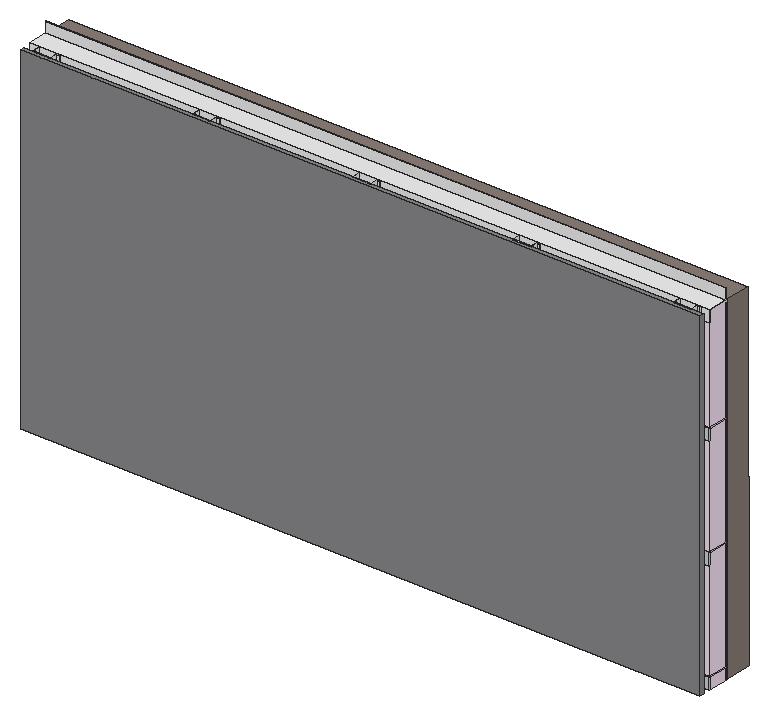
Revit family "Acrytec Panel - Gemtex", category Generic Models, Revit 2016
Family settings
  Part Type = Normal
  Can host rebar = No
  Round Connector Dimension = Use Diameter
  Work Plane-Based = No
  Always vertical = Yes
  Cut with Voids When Loaded = No
  Shared = No
  Room Calculation Point = No
Parameters (values of type "Acrytec Panel - Gemtex")
  panelHeight [instance] = 1220 mm
  Uninsulated Panel Type = not(Insulated Panel Type)  # no
  Insulated Panel Type = yes
  Vertical Girt Spacing [instance] = if(and(PanelWidth > 1799 mm, PanelWidth < 2301 mm), 1, (PanelWidth / 2) / 575 mm) + 1  # 3
  Vanilla = no
  Tuxedo Black = no
  Slate Grey = no
  Rustic = no
  Rocky Road = no
  Pepper = no
  PanelWidth [instance] = 2440 mm
  PanelZGirt [instance] = 75 mm
  PanelThickness [instance] = PanelFinish + PanelZGirt + PanelHatSection  # 115.422 mm
  PanelHatSection [instance] = 25.383 mm
  PanelFinish [instance] = 15.04 mm
  Panel-A-CL-Offset = 382.729 mm
  Ocean Spray = no
  Oakville Clay = no
  Midnight = no
  Horizontal Girt Spacing [instance] = panelHeight / 400 mm  # 3
  Horizontal Girt Length [instance] = PanelWidth  # 2440 mm
  Granite = no
  Egg Plant = no
  Desert Stone = no
  Copper Brown = no
  Cookie Dough = no
  Chipped Ice = no
  Caramel = no
  Capstone = no
  Blue Sky = yes
  Arctic Snow = no
  Aqua = no
Reference planes
  plane 1 "Center (Front/Back)": y = 0
  plane 2: z = 0
  plane 3 "Center (Left/Right)": x = 0
  plane 4: y = -75
  plane 5: y = -115.422
  plane 6: z = 1220
  plane 7: y = -100.383
  plane 8: x = -1220
  plane 9: x = 1220
Forms (mm)
  Extrusion 1, solid, material "00 - Gemtex_Aqua", visible <- "Aqua"
    sketch origin (0, 0, 0) x (1, 0, 0) y (0, 0, 1)
      loop
        line (-1220, 0) -> (1220, 0) -> (1220, 1220) -> (-1220, 1220) -> (-1220, 0)
    from 100.383 to 115.422
  Extrusion 2, solid, material "2016-31-moisture Membrane", visible <- "Insulated Panel Type"
    sketch origin (0, 0, 0) x (1, 0, 0) y (0, 0, 1)
      loop
        line (-1220, 0) -> (1220, 0) -> (1220, 1220) -> (-1220, 1220) -> (-1220, 0)
    from -1 to 0
  Extrusion 3, solid, material "2016-31-Standard Brick", visible <- "Insulated Panel Type"
    sketch origin (0, 0, 0) x (1, 0, 0) y (0, 0, 1)
      loop
        line (-1220, 0) -> (1220, 0) -> (1220, 1220) -> (-1220, 1220) -> (-1220, 0)
    from -100 to -1
  Extrusion 4, solid, material "00 - Gemtex_Arctic Snow", visible <- "Arctic Snow"
    sketch origin (0, 0, 0) x (1, 0, 0) y (0, 0, 1)
      loop
        line (1220, 0) -> (1220, 1220) -> (-1220, 1220) -> (-1220, 0) -> (1220, 0)
    from 100.383 to 115.422
  Extrusion 5, solid, material "00 - Gemtex_Blue Sky", visible <- "Blue Sky"
    sketch origin (0, 0, 0) x (1, 0, 0) y (0, 0, 1)
      loop
        line (1220, 0) -> (1220, 1220) -> (-1220, 1220) -> (-1220, 0) -> (1220, 0)
    from 100.383 to 115.422
  Extrusion 6, solid, material "00 - Gemtex_Capstone", visible <- "Capstone"
    sketch origin (0, 0, 0) x (1, 0, 0) y (0, 0, 1)
      loop
        line (1220, 0) -> (1220, 1220) -> (-1220, 1220) -> (-1220, 0) -> (1220, 0)
    from 100.383 to 115.422
  Extrusion 7, solid, material "00 - Gemtex_Caramel", visible <- "Caramel"
    sketch origin (0, 0, 0) x (1, 0, 0) y (0, 0, 1)
      loop
        line (1220, 0) -> (1220, 1220) -> (-1220, 1220) -> (-1220, 0) -> (1220, 0)
    from 100.383 to 115.422
  Extrusion 8, solid, material "00 - Gemtex_Chipped Ice", visible <- "Chipped Ice"
    sketch origin (0, 0, 0) x (1, 0, 0) y (0, 0, 1)
      loop
        line (1220, 0) -> (1220, 1220) -> (-1220, 1220) -> (-1220, 0) -> (1220, 0)
    from 100.383 to 115.422
  Extrusion 9, solid, material "00 - Gemtex_Cookie Dough", visible <- "Cookie Dough"
    sketch origin (0, 0, 0) x (1, 0, 0) y (0, 0, 1)
      loop
        line (1220, 0) -> (1220, 1220) -> (-1220, 1220) -> (-1220, 0) -> (1220, 0)
    from 100.383 to 115.422
  Extrusion 10, solid, material "00 - Gemtex_Copper Brown", visible <- "Copper Brown"
    sketch origin (0, 0, 0) x (1, 0, 0) y (0, 0, 1)
      loop
        line (1220, 0) -> (1220, 1220) -> (-1220, 1220) -> (-1220, 0) -> (1220, 0)
    from 100.383 to 115.422
  Extrusion 11, solid, material "00 - Gemtex_Desert Stone", visible <- "Desert Stone"
    sketch origin (0, 0, 0) x (1, 0, 0) y (0, 0, 1)
      loop
        line (1220, 0) -> (1220, 1220) -> (-1220, 1220) -> (-1220, 0) -> (1220, 0)
    from 100.383 to 115.422
  Extrusion 12, solid, material "00 -Gemtex_ Egg Plant", visible <- "Egg Plant"
    sketch origin (0, 0, 0) x (1, 0, 0) y (0, 0, 1)
      loop
        line (1220, 0) -> (1220, 1220) -> (-1220, 1220) -> (-1220, 0) -> (1220, 0)
    from 100.383 to 115.422
  Extrusion 13, solid, visible <- "Granite"
    sketch origin (0, 0, 0) x (1, 0, 0) y (0, 0, 1)
      loop
        line (1220, 0) -> (1220, 1220) -> (-1220, 1220) -> (-1220, 0) -> (1220, 0)
    from 100.383 to 115.422
  Extrusion 14, solid, material "00 - Gemtex_Midnight", visible <- "Midnight"
    sketch origin (0, 0, 0) x (1, 0, 0) y (0, 0, 1)
      loop
        line (1220, 0) -> (1220, 1220) -> (-1220, 1220) -> (-1220, 0) -> (1220, 0)
    from 100.383 to 115.422
  Extrusion 15, solid, material "00 - Gemtex_Oakville Clay", visible <- "Oakville Clay"
    sketch origin (0, 0, 0) x (1, 0, 0) y (0, 0, 1)
      loop
        line (1220, 0) -> (1220, 1220) -> (-1220, 1220) -> (-1220, 0) -> (1220, 0)
    from 100.383 to 115.422
  Extrusion 16, solid, material "00 - Gemtex_Ocean Spray", visible <- "Ocean Spray"
    sketch origin (0, 0, 0) x (1, 0, 0) y (0, 0, 1)
      loop
        line (1220, 0) -> (1220, 1220) -> (-1220, 1220) -> (-1220, 0) -> (1220, 0)
    from 100.383 to 115.422
  Extrusion 17, solid, material "00 - Gemtex_Pepper", visible <- "Pepper"
    sketch origin (0, 0, 0) x (1, 0, 0) y (0, 0, 1)
      loop
        line (1220, 0) -> (1220, 1220) -> (-1220, 1220) -> (-1220, 0) -> (1220, 0)
    from 100.383 to 115.422
  Extrusion 18, solid, material "00 - Gemtex_Rocky Road", visible <- "Rocky Road"
    sketch origin (0, 0, 0) x (1, 0, 0) y (0, 0, 1)
      loop
        line (1220, 0) -> (1220, 1220) -> (-1220, 1220) -> (-1220, 0) -> (1220, 0)
    from 100.383 to 115.422
  Extrusion 19, solid, material "00 - Gemtex_Rustic", visible <- "Rustic"
    sketch origin (0, 0, 0) x (1, 0, 0) y (0, 0, 1)
      loop
        line (1220, 0) -> (1220, 1220) -> (-1220, 1220) -> (-1220, 0) -> (1220, 0)
    from 100.383 to 115.422
  Extrusion 20, solid, material "00 - Gemtex_Slate Grey", visible <- "Slate Grey"
    sketch origin (0, 0, 0) x (1, 0, 0) y (0, 0, 1)
      loop
        line (1220, 0) -> (1220, 1220) -> (-1220, 1220) -> (-1220, 0) -> (1220, 0)
    from 100.383 to 115.422
  Extrusion 21, solid, material "00 - Gemtex_Tuxedo Black", visible <- "Tuxedo Black"
    sketch origin (0, 0, 0) x (1, 0, 0) y (0, 0, 1)
      loop
        line (1220, 0) -> (1220, 1220) -> (-1220, 1220) -> (-1220, 0) -> (1220, 0)
    from 100.383 to 115.422
  Extrusion 22, solid, material "00 - Gemtex_Vanilla", visible <- "Vanilla"
    sketch origin (0, 0, 0) x (1, 0, 0) y (0, 0, 1)
      loop
        line (1220, 0) -> (1220, 1220) -> (-1220, 1220) -> (-1220, 0) -> (1220, 0)
    from 100.383 to 115.422
  Extrusion 23, solid, material "2016-31-Galvanized-Aluminum 2014-T4", not visible
    sketch origin (0, 0, 0) x (1, 0, 0) y (0, 1, 0)
      loop
        line (-609.6, -75) -> (-609.6, -100.383) -> (-544.314, -100.383) -> (-544.314, -76) -> (-532.497, -76) -> (-532.497, -75) -> (-545.314, -75) -> (-545.314, -99.383) -> (-608.6, -99.383) -> (-608.6, -75) -> (-609.6, -75)
    from 0 to 2438.4
  Extrusion 24, solid, material "2016-31-Galvanized-Aluminum 2014-T4"
    sketch origin (571.049, 0, 0) x (1, 0, 0) y (0, 1, 0)
      loop
        line (-609.6, -75) -> (-609.6, -100.383) -> (-544.314, -100.383) -> (-544.314, -76) -> (-532.497, -76) -> (-532.497, -75) -> (-545.314, -75) -> (-545.314, -99.383) -> (-608.6, -99.383) -> (-608.6, -75) -> (-609.6, -75)
    from 0 to 1220 <- "panelHeight"
  Extrusion 25, solid, material "2016-31-Galvanized-Aluminum 2014-T4"
    sketch origin (1146.049, 0, 0) x (1, 0, 0) y (0, 1, 0)
      loop
        line (-609.6, -75) -> (-609.6, -100.383) -> (-544.314, -100.383) -> (-544.314, -76) -> (-532.497, -76) -> (-532.497, -75) -> (-545.314, -75) -> (-545.314, -99.383) -> (-608.6, -99.383) -> (-608.6, -75) -> (-609.6, -75)
    from 0 to 1220 <- "panelHeight"
  Extrusion 26, solid, material "2016-31-Galvanized-Aluminum 2014-T4"
    sketch origin (-3.951, 0, 0) x (1, 0, 0) y (0, 1, 0)
      loop
        line (-609.6, -75) -> (-609.6, -100.383) -> (-544.314, -100.383) -> (-544.314, -76) -> (-532.497, -76) -> (-532.497, -75) -> (-545.314, -75) -> (-545.314, -99.383) -> (-608.6, -99.383) -> (-608.6, -75) -> (-609.6, -75)
    from 0 to 1220 <- "panelHeight"
  Extrusion 27, solid, material "2016-31-Rigid Insulation", visible <- "Insulated Panel Type"
    sketch origin (47.064, -614.101, 42.626) x (0, 1, 0) y (-1, 0, 0)
      loop
        line (616.26, 1267.064) -> (542.259, 1267.064) -> (542.259, -1172.936) -> (616.26, -1172.936) -> (616.26, 1267.064)
    from -42.626 to 1177.374
  Extrusion 28, solid, material "2016-31-Galvanized-Aluminum 2014-T4", visible <- "Insulated Panel Type"
    sketch origin (-2162.5, 0, 785) x (0, 1, 0) y (0, 0, 1)
      loop
        line (0, 475) -> (-2.875, 475) -> (-2.875, 437.626) -> (-74.375, 437.626) -> (-74.375, 395) -> (-71.842, 395) -> (-71.842, 435) -> (0, 435) -> (0, 475)
    from 3382.5 to 942.5
  Extrusion 29, solid, material "2016-31-Galvanized-Aluminum 2014-T4", visible <- "Uninsulated Panel Type"
    sketch origin (0, 0, 20) x (0, 1, 0) y (0, 0, 1)
      loop
        line (-99.383, 1180) -> (-96.849, 1180) -> (-96.849, 1200) -> (-74.375, 1200) -> (-74.375, 1222.626) -> (-76.975, 1222.626) -> (-76.975, 1202.626) -> (-99.383, 1202.626) -> (-99.383, 1180)
    from -1220 to 1220
  Extrusion 30, solid, material "2016-31-moisture Membrane", visible <- "Uninsulated Panel Type"
    sketch origin (0, -74.375, 0) x (1, 0, 0) y (0, 0, 1)
      loop
        line (-1220, 0) -> (1220, 0) -> (1220, 1220) -> (-1220, 1220) -> (-1220, 0)
    from -1 to 0
  Extrusion 31, solid, material "2016-31-Standard Brick", visible <- "Uninsulated Panel Type"
    sketch origin (0, -74.375, 0) x (1, 0, 0) y (0, 0, 1)
      loop
        line (-1220, 0) -> (1220, 0) -> (1220, 1220) -> (-1220, 1220) -> (-1220, 0)
    from -100 to -1
  Extrusion 32, solid, material "2016-31-Galvanized-Aluminum 2014-T4"
    sketch origin (1721.049, 0, 0) x (1, 0, 0) y (0, 1, 0)
      loop
        line (-609.6, -75) -> (-609.6, -100.383) -> (-544.314, -100.383) -> (-544.314, -76) -> (-532.497, -76) -> (-532.497, -75) -> (-545.314, -75) -> (-545.314, -99.383) -> (-608.6, -99.383) -> (-608.6, -75) -> (-609.6, -75)
    from 0 to 1220 <- "panelHeight"
  Extrusion 33, solid, material "2016-31-Galvanized-Aluminum 2014-T4"
    sketch origin (-578.951, 0, 0) x (1, 0, 0) y (0, 1, 0)
      loop
        line (-609.6, -75) -> (-609.6, -100.383) -> (-544.314, -100.383) -> (-544.314, -76) -> (-532.497, -76) -> (-532.497, -75) -> (-545.314, -75) -> (-545.314, -99.383) -> (-608.6, -99.383) -> (-608.6, -75) -> (-609.6, -75)
    from 0 to 1220 <- "panelHeight"
Dimensions and locks
  equal spacing: Extrusion 1 sketch curve, plane 3 "Center (Left/Right)", Extrusion 1 sketch curve
  "panelHeight": Extrusion 1 sketch curve to Extrusion 1 sketch curve
  "PanelWidth": Extrusion 1 sketch curve to Extrusion 1 sketch curve
  "panelHeight": plane 6 to level
  "PanelWidth": Extrusion 1 to Extrusion 1
  "PanelFinish": Extrusion 1 to Extrusion 1
  "PanelZGirt": plane 4 to plane 1 "Center (Front/Back)"
  "PanelThickness": plane 5 to plane 1 "Center (Front/Back)"
  "PanelWidth": Extrusion 2 sketch curve to Extrusion 2 sketch curve
  Extrusion 2 sketch curve to Extrusion 2 sketch curve = 1220 mm
  Extrusion 2 sketch curve to Extrusion 2 sketch curve = 2440 mm
  "PanelWidth": Extrusion 3 sketch curve to Extrusion 3 sketch curve
  Extrusion 3 sketch curve to Extrusion 3 sketch curve = 1220 mm
  Extrusion 3 sketch curve to Extrusion 3 sketch curve = 2440 mm
  equal spacing: Extrusion 4 sketch curve, plane 3 "Center (Left/Right)", Extrusion 4 sketch curve
  "panelHeight": Extrusion 4 sketch curve to Extrusion 4 sketch curve
  "PanelWidth": Extrusion 4 sketch curve to Extrusion 4 sketch curve
  equal spacing: Extrusion 5 sketch curve, plane 3 "Center (Left/Right)", Extrusion 5 sketch curve
  "panelHeight": Extrusion 5 sketch curve to Extrusion 5 sketch curve
  "PanelWidth": Extrusion 5 sketch curve to Extrusion 5 sketch curve
  equal spacing: Extrusion 6 sketch curve, plane 3 "Center (Left/Right)", Extrusion 6 sketch curve
  "panelHeight": Extrusion 6 sketch curve to Extrusion 6 sketch curve
  "PanelWidth": Extrusion 6 sketch curve to Extrusion 6 sketch curve
  equal spacing: Extrusion 7 sketch curve, plane 3 "Center (Left/Right)", Extrusion 7 sketch curve
  "panelHeight": Extrusion 7 sketch curve to Extrusion 7 sketch curve
  "PanelWidth": Extrusion 7 sketch curve to Extrusion 7 sketch curve
  equal spacing: Extrusion 8 sketch curve, plane 3 "Center (Left/Right)", Extrusion 8 sketch curve
  "panelHeight": Extrusion 8 sketch curve to Extrusion 8 sketch curve
  "PanelWidth": Extrusion 8 sketch curve to Extrusion 8 sketch curve
  equal spacing: Extrusion 9 sketch curve, plane 3 "Center (Left/Right)", Extrusion 9 sketch curve
  "panelHeight": Extrusion 9 sketch curve to Extrusion 9 sketch curve
  "PanelWidth": Extrusion 9 sketch curve to Extrusion 9 sketch curve
  equal spacing: Extrusion 10 sketch curve, plane 3 "Center (Left/Right)", Extrusion 10 sketch curve
  "panelHeight": Extrusion 10 sketch curve to Extrusion 10 sketch curve
  "PanelWidth": Extrusion 10 sketch curve to Extrusion 10 sketch curve
  equal spacing: Extrusion 11 sketch curve, plane 3 "Center (Left/Right)", Extrusion 11 sketch curve
  "panelHeight": Extrusion 11 sketch curve to Extrusion 11 sketch curve
  "PanelWidth": Extrusion 11 sketch curve to Extrusion 11 sketch curve
  equal spacing: Extrusion 12 sketch curve, plane 3 "Center (Left/Right)", Extrusion 12 sketch curve
  "panelHeight": Extrusion 12 sketch curve to Extrusion 12 sketch curve
  "PanelWidth": Extrusion 12 sketch curve to Extrusion 12 sketch curve
  equal spacing: Extrusion 13 sketch curve, plane 3 "Center (Left/Right)", Extrusion 13 sketch curve
  "panelHeight": Extrusion 13 sketch curve to Extrusion 13 sketch curve
  "PanelWidth": Extrusion 13 sketch curve to Extrusion 13 sketch curve
  equal spacing: Extrusion 14 sketch curve, plane 3 "Center (Left/Right)", Extrusion 14 sketch curve
  "panelHeight": Extrusion 14 sketch curve to Extrusion 14 sketch curve
  "PanelWidth": Extrusion 14 sketch curve to Extrusion 14 sketch curve
  equal spacing: Extrusion 15 sketch curve, plane 3 "Center (Left/Right)", Extrusion 15 sketch curve
  "panelHeight": Extrusion 15 sketch curve to Extrusion 15 sketch curve
  "PanelWidth": Extrusion 15 sketch curve to Extrusion 15 sketch curve
  equal spacing: Extrusion 16 sketch curve, plane 3 "Center (Left/Right)", Extrusion 16 sketch curve
  "panelHeight": Extrusion 16 sketch curve to Extrusion 16 sketch curve
  "PanelWidth": Extrusion 16 sketch curve to Extrusion 16 sketch curve
  equal spacing: Extrusion 17 sketch curve, plane 3 "Center (Left/Right)", Extrusion 17 sketch curve
  "panelHeight": Extrusion 17 sketch curve to Extrusion 17 sketch curve
  "PanelWidth": Extrusion 17 sketch curve to Extrusion 17 sketch curve
  equal spacing: Extrusion 18 sketch curve, plane 3 "Center (Left/Right)", Extrusion 18 sketch curve
  "panelHeight": Extrusion 18 sketch curve to Extrusion 18 sketch curve
  "PanelWidth": Extrusion 18 sketch curve to Extrusion 18 sketch curve
  equal spacing: Extrusion 19 sketch curve, plane 3 "Center (Left/Right)", Extrusion 19 sketch curve
  "panelHeight": Extrusion 19 sketch curve to Extrusion 19 sketch curve
  "PanelWidth": Extrusion 19 sketch curve to Extrusion 19 sketch curve
  equal spacing: Extrusion 20 sketch curve, plane 3 "Center (Left/Right)", Extrusion 20 sketch curve
  "panelHeight": Extrusion 20 sketch curve to Extrusion 20 sketch curve
  "PanelWidth": Extrusion 20 sketch curve to Extrusion 20 sketch curve
  equal spacing: Extrusion 21 sketch curve, plane 3 "Center (Left/Right)", Extrusion 21 sketch curve
  "panelHeight": Extrusion 21 sketch curve to Extrusion 21 sketch curve
  "PanelWidth": Extrusion 21 sketch curve to Extrusion 21 sketch curve
  equal spacing: Extrusion 22 sketch curve, plane 3 "Center (Left/Right)", Extrusion 22 sketch curve
  "panelHeight": Extrusion 22 sketch curve to Extrusion 22 sketch curve
  "PanelWidth": Extrusion 22 sketch curve to Extrusion 22 sketch curve
  equal spacing: plane 9, plane 3 "Center (Left/Right)", plane 8
  "PanelWidth": plane 9 to plane 8
  equal spacing: group 2, group 3, group 8  (x3)
  equal spacing: group 9, group 4, group 2
  equal spacing: group 2, group 4, group 9  (x2)
  equal spacing: group 5, group 6, group 7  (x3)
  Extrusion 2 to Extrusion 27 = 1220 mm
  "PanelWidth": Extrusion 30 sketch curve to Extrusion 30 sketch curve
  Extrusion 30 sketch curve to Extrusion 30 sketch curve = 1220 mm
  Extrusion 30 sketch curve to Extrusion 30 sketch curve = 2440 mm
  "PanelWidth": Extrusion 31 sketch curve to Extrusion 31 sketch curve
  Extrusion 31 sketch curve to Extrusion 31 sketch curve = 1220 mm
  Extrusion 31 sketch curve to Extrusion 31 sketch curve = 2440 mm
  aligned and locked: Extrusion 1 to plane 5
  aligned and locked: Extrusion 1 to plane 2
  aligned and locked: Extrusion 3 to Extrusion 2
  aligned and locked: Extrusion 3 to plane 2
  aligned and locked: Extrusion 1 to Extrusion 3
  aligned and locked: Extrusion 3 to Extrusion 1
  aligned and locked: Extrusion 1 to Extrusion 2
  aligned and locked: Extrusion 2 to plane 2
  aligned and locked: Extrusion 2 to Extrusion 1
  aligned and locked: plane 2 to level
  aligned and locked: plane 6 to Extrusion 3
  aligned and locked: plane 6 to Extrusion 2
  aligned and locked: plane 3 "Center (Left/Right)" to nested 1
  aligned and locked: nested 1 to plane 1 "Center (Front/Back)"
  aligned and locked: Extrusion 1 to Extrusion 27
  aligned and locked: Extrusion 27 to level
  aligned and locked: Extrusion 27 to Extrusion 1  (x2)
  aligned and locked: Extrusion 28 to Extrusion 1  (x2)
  aligned and locked: Extrusion 29 to Extrusion 1  (x2)
  aligned and locked: Extrusion 1 to Extrusion 29
  aligned and locked: Extrusion 31 to Extrusion 30
  aligned and locked: Extrusion 31 to level
  aligned and locked: Extrusion 30 to level
  aligned and locked: Extrusion 31 to Extrusion 1
  aligned and locked: Extrusion 30 to Extrusion 1
  aligned and locked: plane 6 to Extrusion 31
Automatic sketch dimensions
  Extrusion 23 sketch curve to Extrusion 23 sketch curve = 1 mm  (x4)
  Extrusion 23 sketch curve to Extrusion 23 sketch curve = 63.286 mm
  Extrusion 23 sketch curve to Extrusion 23 sketch curve = 11.817 mm
  Extrusion 23 sketch curve to Extrusion 23 sketch curve = 23.383 mm
  Extrusion 23 sketch curve to Extrusion 23 sketch curve = 24.383 mm
  Extrusion 24 sketch curve to Extrusion 24 sketch curve = 1 mm  (x4)
  Extrusion 24 sketch curve to Extrusion 24 sketch curve = 63.286 mm
  Extrusion 24 sketch curve to Extrusion 24 sketch curve = 11.817 mm
  Extrusion 24 sketch curve to Extrusion 24 sketch curve = 23.383 mm
  Extrusion 24 sketch curve to Extrusion 24 sketch curve = 24.383 mm
  Extrusion 25 sketch curve to Extrusion 25 sketch curve = 1 mm  (x4)
  Extrusion 25 sketch curve to Extrusion 25 sketch curve = 63.286 mm
  Extrusion 25 sketch curve to Extrusion 25 sketch curve = 11.817 mm
  Extrusion 25 sketch curve to Extrusion 25 sketch curve = 23.383 mm
  Extrusion 25 sketch curve to Extrusion 25 sketch curve = 24.383 mm
  Extrusion 26 sketch curve to Extrusion 26 sketch curve = 1 mm  (x4)
  Extrusion 26 sketch curve to Extrusion 26 sketch curve = 63.286 mm
  Extrusion 26 sketch curve to Extrusion 26 sketch curve = 11.817 mm
  Extrusion 26 sketch curve to Extrusion 26 sketch curve = 23.383 mm
  Extrusion 26 sketch curve to Extrusion 26 sketch curve = 24.383 mm
  Extrusion 27 sketch curve to plane 9 = 0 mm
  Extrusion 27 sketch curve to plane 8 = 0 mm
  plane 4 to Extrusion 27 sketch curve = 3.159 mm
  Extrusion 27 sketch curve to plane 1 "Center (Front/Back)" = 2.159 mm
  Extrusion 28 sketch curve to plane 6 = 0 mm
  Extrusion 28 sketch curve to plane 1 "Center (Front/Back)" = 0 mm
  plane 1 "Center (Front/Back)" to Extrusion 28 sketch curve = 2.875 mm
  plane 4 to Extrusion 28 sketch curve = 3.158 mm
  plane 4 to Extrusion 28 sketch curve = 0.625 mm
  Extrusion 28 sketch curve to Extrusion 28 sketch curve = 40 mm
  plane 6 to Extrusion 28 sketch curve = 2.626 mm
  Extrusion 28 sketch curve to Extrusion 28 sketch curve = 37.374 mm
  Extrusion 29 sketch curve to plane 6 = 0 mm
  plane 7 to Extrusion 29 sketch curve = 1 mm
  Extrusion 29 sketch curve to Extrusion 29 sketch curve = 2.534 mm
  Extrusion 29 sketch curve to plane 4 = 1.975 mm
  plane 4 to Extrusion 29 sketch curve = 0.625 mm
  Extrusion 29 sketch curve to plane 6 = 20 mm
  plane 6 to Extrusion 29 sketch curve = 2.626 mm
  Extrusion 29 sketch curve to Extrusion 29 sketch curve = 20 mm
  Extrusion 32 sketch curve to Extrusion 32 sketch curve = 1 mm  (x4)
  Extrusion 32 sketch curve to Extrusion 32 sketch curve = 63.286 mm
  Extrusion 32 sketch curve to Extrusion 32 sketch curve = 11.817 mm
  Extrusion 32 sketch curve to Extrusion 32 sketch curve = 23.383 mm
  Extrusion 32 sketch curve to Extrusion 32 sketch curve = 24.383 mm
  Extrusion 33 sketch curve to Extrusion 33 sketch curve = 1 mm  (x4)
  Extrusion 33 sketch curve to Extrusion 33 sketch curve = 63.286 mm
  Extrusion 33 sketch curve to Extrusion 33 sketch curve = 11.817 mm
  Extrusion 33 sketch curve to Extrusion 33 sketch curve = 23.383 mm
  Extrusion 33 sketch curve to Extrusion 33 sketch curve = 24.383 mm
  Extrusion 1 sketch curve to level = 0 mm
  Extrusion 2 sketch curve to plane 6 = 0 mm
  Extrusion 2 sketch curve to plane 8 = 0 mm
  Extrusion 3 sketch curve to plane 6 = 0 mm
  Extrusion 3 sketch curve to plane 8 = 0 mm
  Extrusion 4 sketch curve to level = 0 mm
  Extrusion 5 sketch curve to level = 0 mm
  Extrusion 6 sketch curve to level = 0 mm
  Extrusion 7 sketch curve to level = 0 mm
  Extrusion 8 sketch curve to level = 0 mm
  Extrusion 9 sketch curve to level = 0 mm
  Extrusion 10 sketch curve to level = 0 mm
  Extrusion 11 sketch curve to level = 0 mm
  Extrusion 12 sketch curve to level = 0 mm
  Extrusion 13 sketch curve to level = 0 mm
  Extrusion 14 sketch curve to level = 0 mm
  Extrusion 15 sketch curve to level = 0 mm
  Extrusion 16 sketch curve to level = 0 mm
  Extrusion 17 sketch curve to level = 0 mm
  Extrusion 18 sketch curve to level = 0 mm
  Extrusion 19 sketch curve to level = 0 mm
  Extrusion 20 sketch curve to level = 0 mm
  Extrusion 21 sketch curve to level = 0 mm
  Extrusion 22 sketch curve to level = 0 mm
  Extrusion 30 sketch curve to plane 6 = 0 mm
  Extrusion 30 sketch curve to plane 8 = 0 mm
  Extrusion 31 sketch curve to plane 6 = 0 mm
  Extrusion 31 sketch curve to plane 8 = 0 mm
Nested families
  nested 1: "Horizontal Girt Nested Array" at (0, -37.5, 0), Girt Length <- "PanelWidth", visible <- "Insulated Panel Type", type "Horizontal Girt Nested Array"
    with Girt Length 2440 mm
  nested 2: "Horizontal Girt Nested Array" at (0, -37.5, 400), Girt Length <- "PanelWidth", visible <- "Insulated Panel Type", type "Horizontal Girt Nested Array"
    with Girt Length 2440 mm
  nested 3: "Horizontal Girt Nested Array" at (0, -37.5, 800), Girt Length <- "PanelWidth", visible <- "Insulated Panel Type", type "Horizontal Girt Nested Array"
    with Girt Length 2440 mm
Definition of nested family "Horizontal Girt Nested Array"
  Parameters (values of type "Horizontal Girt Nested Array")
    Girt Length [instance] = 500 mm
  Reference planes
    plane 1 "Center (Front/Back)": y = 0
    plane 2: z = 0
    plane 3 "Center (Left/Right)": x = 0
    plane 4: x = -250
    plane 5: x = 250
    plane 6: z = 3500
  Dimensions and locks
    equal spacing: plane 4, plane 3 "Center (Left/Right)", plane 5
    plane 6 to level = 3500 mm
    "Girt Length": plane 4 to plane 5
    plane 4 to plane 5 = 500 mm
    aligned and locked: level to plane 2
    aligned and locked: plane 4 to nested 1
    aligned and locked: plane 5 to nested 1
  Nested families
    nested 1: "Horizontal Girt" at (0, 0, 0), type "Horizontal Girt"
      with Girt Length 500 mm
  Definition of nested family "Horizontal Girt"
    Parameters (values of type "Horizontal Girt")
      Girt Length [instance] = 4000 mm
    Reference planes
      plane 1 "Center (Front/Back)": y = 0
      plane 2: z = 0
      plane 3 "Center (Left/Right)": x = 0
      plane 4: x = -2000
      plane 5: x = 2000
    Forms (mm)
      Extrusion 1, solid
        sketch origin (0, 0, 0) x (0, 1, 0) y (0, 0, 1)
          loop
            line (-37.5, 43) -> (-37.5, 0) -> (-34.5, 0) -> (-34.5, 40) -> (37.5, 40) -> (37.5, 80) -> (34.5, 80) -> (34.5, 43) -> (-37.5, 43)
        from -2000 to 2000
    Dimensions and locks
      equal spacing: plane 4, plane 3 "Center (Left/Right)", plane 5
      "Girt Length": plane 4 to plane 5
      aligned and locked: level to plane 2
      aligned and locked: Extrusion 1 to plane 4
      aligned and locked: plane 5 to Extrusion 1
    Automatic sketch dimensions
      Extrusion 1 sketch curve to Extrusion 1 sketch curve = 3 mm  (x3)
      Extrusion 1 sketch curve to level = 0 mm
      Extrusion 1 sketch curve to Extrusion 1 sketch curve = 37 mm
      plane 1 "Center (Front/Back)" to Extrusion 1 sketch curve = 37.5 mm
      Extrusion 1 sketch curve to plane 1 "Center (Front/Back)" = 34.5 mm
      level to Extrusion 1 sketch curve = 40 mm
